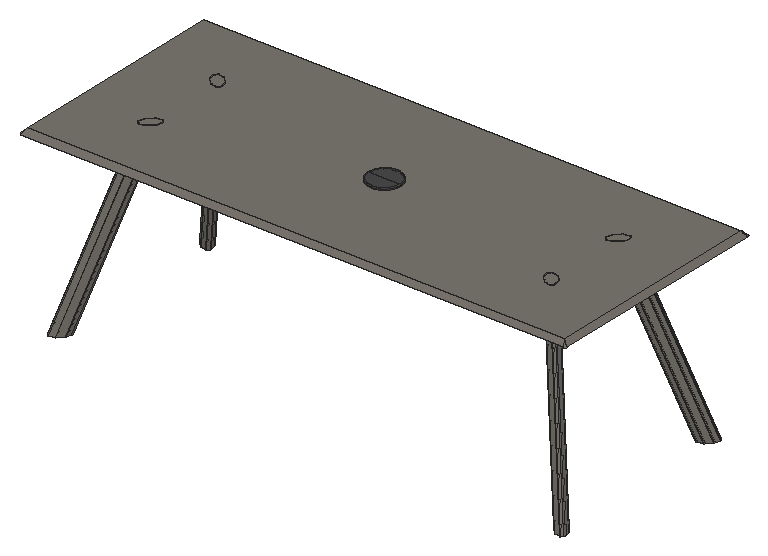
Revit family "Table-Rectangle-Teknion-STBSS_Qui_With_Power-R2014", category Furniture, Revit 2014 (continued)
Automatic sketch dimensions
  Sweep 7 sketch curve to Sweep 7 sketch curve = 0.03684"  (x7)
  Sweep 7 sketch curve to Sweep 7 sketch curve = 0.000"  (x2)
  Sweep 7 sketch curve to profile plane = 26.3699"
  Blend 8 sketch curve to plane 7 "Front" = 0.250"
  Blend 8 sketch curve to plane 5 "Right" = 0.250"
  Blend 8 sketch curve to plane 6 "Back" = 0.250"  (x2)
Nested families (in)
  nested 1: "Outlet-Power-Teknion" at (0, 0, 25.5), type "Outlet"
Connectors (in)
  electrical at (0, 0, 0), driven by "Power Factor", driven by "Connector Description", driven by "Number of Poles", driven by "Voltage", driven by "Apparent Load"
    settings: index 1, voltage 125 V, apparent load 0 VA, apparent load phase1 1250 VA, apparent load phase2 0 VA, apparent load phase3 0 VA, power factor 1, load classification "Other", number of poles 1, system type 31, power factor state 1, is connector primary yes, connector utility no, sub classification motor no, connector description "Power Connector"
Definition of nested family "Outlet-Power-Teknion"
  Parameters (values of type "Outlet")
    Power Finish = Plastic - StudioTK - 8B - Ebony
  Reference planes (in)
    plane 1 "Center (Front/Back)": y = 0
    plane 2: z = 0
    plane 3 "Center (Left/Right)": x = 0
    plane 4 "Top": z = 0.17498
  Forms (in)
    Revolve 1, solid, material "Plastic - StudioTK - 8B - Ebony" <- "Power Finish"
      sketch origin (0, 0, 0) x (1, 0, 0) y (0, 0, 1)
        loop
          line (0, 0.17498) -> (0, -0.40065) -> (2.25001, -0.40065) -> (2.25001, 0.07882)
          arc (2.25001, 0.07882) -> (2.22184, 0.14682) -> (2.15385, 0.17498) r 0.09616
          line (2.15385, 0.17498) -> (0, 0.17498)
        axis (0, 0.17498) -> (0, -0.40065)
      angle from 0 to 360
    Extrusion 2, solid, material "Plastic - StudioTK - 8B - Ebony" <- "Power Finish"
      sketch origin (0.00001, 0, 0.17498) x (1, 0, 0) y (0, 1, 0)
        loop
          circle (-0.00001, 0) r 2.25001
      from -0.60285 to -0.57564
  Cuts and joins
    joined: Revolve 1, Extrusion 2
  Lines and regions (in)
    model lines
      curve 1: circle (-0.96787, 0.55311, 0.17498) r 0.75845 normal (0, 0, 1)
      curve 2: circle (0.97016, 0.55311, 0.17498) r 0.75845 normal (0, 0, 1)
      curve 3: circle (0, -1.12401, 0.17498) r 0.75845 normal (0, 0, 1)
  Dimensions and locks (in)
    locked: Revolve 1 sketch curve to plane 3 "Center (Left/Right)" at 2.25001
    locked: plane 4 "Top" to plane 2 at 0.17498
    curve 1 to plane 3 "Center (Left/Right)" to curve 2 = 0.96787" locked, 0.97016" locked
    locked: plane 1 "Center (Front/Back)" to curve 1 at 0.55311
    locked: plane 1 "Center (Front/Back)" to curve 2 at 0.55311
    locked: curve 3 to plane 1 "Center (Front/Back)" at 1.12401
    locked: plane 4 "Top" to Revolve 1 sketch curve at 0.57564
    locked: plane 2 to Extrusion 2 at 0.42786
    aligned and locked: level to plane 2
    aligned and locked: Revolve 1 sketch curve to plane 3 "Center (Left/Right)"
    aligned and locked: Extrusion 2 sketch curve to Revolve 1  (x2)
    aligned and locked: Extrusion 2 to Revolve 1
Types (3): name | Model | Height | Description
  (no name) | "STBSSF25P" | 25.500" | "Qui Rectangular Table with Power, 31.5\"d x 75\"w / 80cm x 191cm, 25.5\"h / 65cm"
  25.5" High | "STBSSF25P" | 25.500" | "Qui Rectangular Table with Power, 31.5\"d x 75\"w / 80cm x 191cm, 25.5\"h / 65cm"
  29" High | "STBSSF29P" | 29.000" | "Qui Rectangular Table with Power, 31.5\"d x 75\"w / 80cm x 191cm, 29\"h / 74cm"
